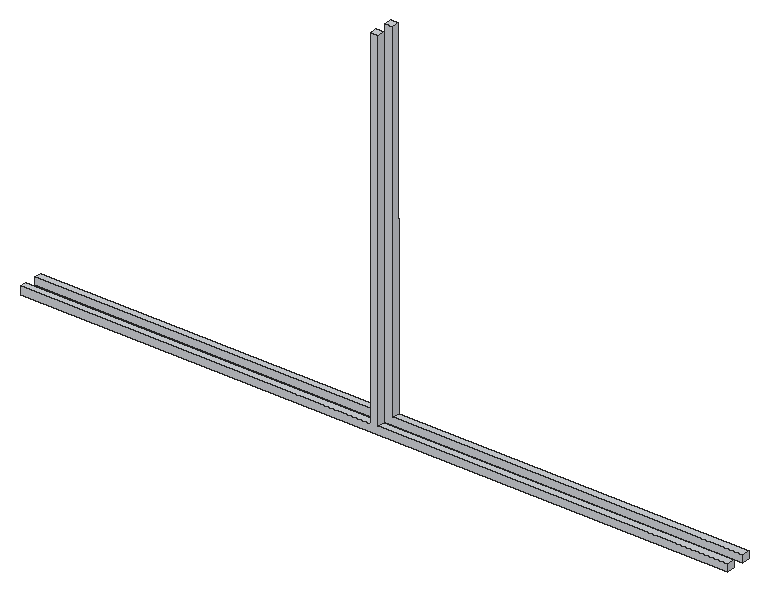
Revit family "efb61a3912c944789b6c4f2ae0e733f0", category Generic Models, Revit 2021
Family settings
  Can host rebar = No
  Round Connector Dimension = Use Diameter
  Part Type = Normal
  Work Plane-Based = No
  Always vertical = Yes
  Cut with Voids When Loaded = No
  Shared = Yes
  Room Calculation Point = No
Parameters
  Width [instance] = 4' - 0"
  Thickness = 0' - 0 1/2"
  Height [instance] = 4' - 0"
  Interior Material [instance] = none
  Exterior Material [instance] = none
  Distance = 0' - 0 3/4"
  Default Elevation = 0' - 0"
Reference planes (in)
  plane 1 "Center (Front/Back)": y = 0
  plane 2: z = 0
  plane 3 "Center (Left/Right)": x = 0
  plane 4: z = 48
  plane 5: x = -24
  plane 6: x = 24
  plane 7 "a": y = 0.375
  plane 8 "b": y = -0.375
  plane 9: z = 24
  plane 10: x = 0
  plane 11: x = -0.25
  plane 12: x = 0.25
  plane 13: z = 24.25
  plane 14: z = 23.75
  plane 15: y = 0.875
  plane 16: y = -0.875
Forms (in)
  Extrusion 1, solid, material <- "Exterior Material", detail levels fine
    sketch origin (0, 0, 0) x (1, 0, 0) y (0, 0, 1)
      loop
        line (-24, 23.75) -> (24, 23.75) -> (24, 24.25) -> (0.25, 24.25) -> (0.25, 48) -> (-0.25, 48) -> (-0.25, 24.25) -> (-24, 24.25) -> (-24, 23.75)
    from -0.875 to -0.375
  Extrusion 2, solid, material <- "Interior Material", detail levels fine
    sketch origin (0, 0, 0) x (1, 0, 0) y (0, 0, -1)
      loop
        line (-24, -23.75) -> (-24, -24.25) -> (-0.25, -24.25) -> (-0.25, -48) -> (0.25, -48) -> (0.25, -24.25) -> (24, -24.25) -> (24, -23.75) -> (-24, -23.75)
    from -0.875 to -0.375
Lines and regions (in)
  model lines, style "GenericModel", detail levels medium
    curve 1: line (0, 0.375, 48) -> (0, 0.375, 24)
    curve 4: line (0, -0.375, 48) -> (0, -0.375, 24)
  model lines, detail levels medium
    curve 2: line (-24, 0.375, 24) -> (24, 0.375, 24)
    curve 3: line (-24, -0.375, 24) -> (24, -0.375, 24)
Dimensions and locks (in)
  equal spacing: plane 6, plane 3 "Center (Left/Right)", plane 5
  "Width": plane 6 to plane 5
  "Height": plane 4 to plane 2
  equal spacing: plane 7 "a", plane 1 "Center (Front/Back)", plane 8 "b"
  plane 12 to plane 10 to plane 11 = 0' - 0 1/4" locked, 0' - 0 1/4" locked
  locked: plane 13 to plane 9 at 0.25
  locked: plane 9 to plane 14 at 0.25
  equal spacing: plane 4, plane 9, plane 2
  "Thickness": plane 15 to plane 7 "a"
  "Thickness": plane 8 "b" to plane 16
  "Distance": plane 7 "a" to plane 8 "b"
  aligned and locked: plane 4 to curve 1
  aligned and locked: plane 9 to curve 1
  aligned and locked: plane 3 "Center (Left/Right)" to plane 10
  aligned and locked: Extrusion 1 sketch curve to plane 14
  aligned and locked: Extrusion 1 sketch curve to plane 13
  aligned and locked: Extrusion 1 sketch curve to plane 5
  aligned and locked: Extrusion 1 sketch curve to plane 12
  aligned and locked: Extrusion 1 sketch curve to plane 11
  aligned and locked: Extrusion 1 sketch curve to plane 4
  aligned and locked: Extrusion 1 sketch curve to plane 6
  aligned and locked: plane 2 to level
  aligned and locked: Extrusion 1 to plane 7 "a"
  aligned and locked: Extrusion 1 to plane 15
  aligned and locked: curve 2 to plane 9
  aligned and locked: plane 5 to curve 2
  aligned and locked: plane 6 to curve 2
  aligned and locked: plane 8 "b" to Extrusion 2
  aligned and locked: Extrusion 2 to plane 5
  aligned and locked: Extrusion 2 to plane 16
  aligned and locked: plane 6 to Extrusion 2
  aligned and locked: plane 13 to Extrusion 2
  aligned and locked: Extrusion 2 to plane 14
  aligned and locked: Extrusion 1 to plane 5
  aligned and locked: plane 6 to Extrusion 1
  aligned and locked: plane 5 to curve 3
  aligned and locked: plane 6 to curve 3
  aligned and locked: plane 4 to curve 4
  aligned and locked: plane 9 to curve 4
Automatic sketch dimensions
  Extrusion 1 sketch curve to plane 13 = 0' - 0"
  curve 1 to plane 3 "Center (Left/Right)" = 0' - 0"
  Extrusion 2 sketch curve to plane 5 = 0' - 0"
  Extrusion 2 sketch curve to plane 11 = 0' - 0"
  Extrusion 2 sketch curve to plane 4 = 0' - 0"
  Extrusion 2 sketch curve to plane 12 = 0' - 0"
  Extrusion 2 sketch curve to plane 6 = 0' - 0"
  Extrusion 2 sketch curve to plane 13 = 0' - 0"  (x2)
  Extrusion 2 sketch curve to plane 14 = 0' - 0"
  curve 3 to plane 6 = 0' - 0"
  curve 3 to plane 5 = 0' - 0"
  curve 4 to plane 3 "Center (Left/Right)" = 0' - 0"
  curve 4 to plane 9 = 0' - 0"
  curve 4 to plane 4 = 0' - 0"
